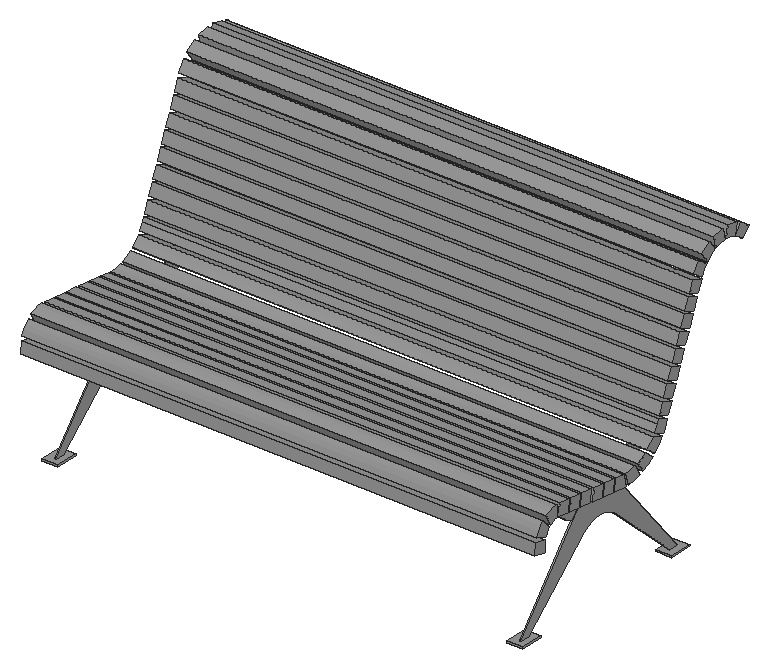
Revit family "Скамейка стальная «Балтика» Арт 12242", category Антураж, Revit 2018
Family settings
  На основе рабочей плоскости = Нет
  Всегда вертикально = Да
  При загрузке вырезать с полостями = Нет
  Источник визуального образа = Геометрия семейства
  Общий = Нет
  Точка расчета площади = Нет
Parameters (values of type "Скамейка стальная «Балтика»")
  Ширина = 950 mm  # constant formula
  Цвет опоры = Сталь
  Цвет лавки = Дерево
  Описание = "Скамейка стальная «Балтика»"  # constant formula
  Материал изделия = "Сталь, дерево"  # constant formula
  Изображение типоразмера = Скамейка стальная «Балтика» Арт 12242.jpg
  Изготовитель = "ООО «Хоббика»"  # constant formula
  Длина = 1800 mm  # constant formula
  Группа модели = "Скамейки"  # constant formula
  Высота = 1000 mm  # constant formula
  Артикул товара = "Арт. 12242"  # constant formula
  URL = "https://hobbyka.ru/product/skameyka_stalnaya_baltika/"
Reference planes
  plane 1 "По центру (Вперед/Назад)": y = 0
  plane 2: z = 0
  plane 3 "По центру (Влево/Вправо)": x = 0
  plane 4: y = 950
  plane 5: x = 1800
  plane 6: z = 1000
Forms (mm)
  Extrusion 1, solid, material "Сталь" <- "Цвет опоры"
    sketch origin (0, 0, 0) x (0, 1, 0) y (0, 0, 1)
      loop
        arc (916.187, 914.65) -> (810.962, 943.998) -> (731.831, 868.685) r 110.636
        line (731.831, 868.685) -> (576.369, 483.903)
        arc (576.369, 483.903) -> (505.626, 396.543) -> (398.126, 363.677) r 192.241
        line (398.126, 363.677) -> (110.288, 399.019)
        arc (110.288, 399.019) -> (68.466, 386.631) -> (49.004, 347.596) r 54.693
        line (49.004, 347.596) -> (49.004, 302.596)
        arc (49.004, 302.596) -> (63.658, 296.204) -> (73.152, 309.066) r 12.822
        line (73.152, 309.066) -> (73.152, 341.488)
        arc (73.152, 341.488) -> (84.81, 366.488) -> (111.455, 373.627) r 32.635
        arc (111.455, 373.627) -> (161.876, 357.244) -> (205.828, 327.598) r 190.468
        arc (205.828, 327.598) -> (317.565, 265.301) -> (445.267, 257.664) r 287.412
        arc (445.267, 257.664) -> (561.279, 353.622) -> (630.456, 487.344) r 376.751
        line (630.456, 487.344) -> (757.153, 877.277)
        arc (757.153, 877.277) -> (816.45, 931.612) -> (893.564, 908.77) r 81.664
        line (893.564, 908.77) -> (916.187, 914.65)
    from 90 to 95
  Extrusion 2, solid, material "Сталь" <- "Цвет опоры"
    sketch origin (0, 0, 0) x (0, 1, 0) y (0, 0, 1)
      loop
        arc (500.688, 288.242) -> (413.391, 349.508) -> (309.97, 323.464) r 128.108
        line (309.97, 323.464) -> (49.715, 2.076) -> (79.715, 2.076) -> (324.953, 222.889)
        arc (324.953, 222.889) -> (392.453, 248.8) -> (459.953, 222.889) r 100.877
        line (459.953, 222.889) -> (701.475, 5.422) -> (731.475, 5.422) -> (500.688, 288.242)
    from 85 to 90
  Extrusion 3, solid, material "Сталь" <- "Цвет опоры"
    sketch origin (0, 0, 0) x (1, 0, 0) y (0, 1, 0)
      loop
        line (85, 731.475) -> (85, 701.475) -> (90, 701.475) -> (90, 731.475) -> (85, 731.475)
      loop
        line (85, 79.715) -> (85, 49.715) -> (90, 49.715) -> (90, 79.715) -> (85, 79.715)
      loop
        line (60, 24.715) -> (115, 24.715) -> (115, 104.715) -> (60, 104.715) -> (60, 24.715)
      loop
        line (60, 676.475) -> (115, 676.475) -> (115, 756.475) -> (60, 756.475) -> (60, 676.475)
    from 0 to 5
  Extrusion 4, solid, material "Сталь" <- "Цвет опоры"
    sketch origin (1800, 0, 0) x (0, 1, 0) y (0, 0, -1)
      loop
        line (916.187, -914.65) -> (893.564, -908.77)
        arc (893.564, -908.77) -> (816.45, -931.612) -> (757.153, -877.277) r 81.664
        line (757.153, -877.277) -> (630.456, -487.344)
        arc (630.456, -487.344) -> (561.279, -353.622) -> (445.267, -257.664) r 376.751
        arc (445.267, -257.664) -> (317.565, -265.301) -> (205.828, -327.598) r 287.412
        arc (205.828, -327.598) -> (161.876, -357.244) -> (111.455, -373.627) r 190.468
        arc (111.455, -373.627) -> (84.81, -366.488) -> (73.152, -341.488) r 32.635
        line (73.152, -341.488) -> (73.152, -309.066)
        arc (73.152, -309.066) -> (63.658, -296.204) -> (49.004, -302.596) r 12.822
        line (49.004, -302.596) -> (49.004, -347.596)
        arc (49.004, -347.596) -> (68.466, -386.631) -> (110.288, -399.019) r 54.693
        line (110.288, -399.019) -> (398.126, -363.677)
        arc (398.126, -363.677) -> (505.626, -396.543) -> (576.369, -483.903) r 192.241
        line (576.369, -483.903) -> (731.831, -868.685)
        arc (731.831, -868.685) -> (810.962, -943.998) -> (916.187, -914.65) r 110.636
    from 90 to 95
  Extrusion 5, solid, material "Сталь" <- "Цвет опоры"
    sketch origin (1800, 0, 0) x (0, 1, 0) y (0, 0, -1)
      loop
        line (500.688, -288.242) -> (731.475, -5.422) -> (701.475, -5.422) -> (459.953, -222.889)
        arc (459.953, -222.889) -> (392.453, -248.8) -> (324.953, -222.889) r 100.877
        line (324.953, -222.889) -> (79.715, -2.076) -> (49.715, -2.076) -> (309.97, -323.464)
        arc (309.97, -323.464) -> (413.391, -349.508) -> (500.688, -288.242) r 128.108
    from 85 to 90
  Extrusion 6, solid, material "Сталь" <- "Цвет опоры"
    sketch origin (1800, 0, 0) x (-1, 0, 0) y (0, -1, 0)
      loop
        line (85, -731.475) -> (90, -731.475) -> (90, -701.475) -> (85, -701.475) -> (85, -731.475)
      loop
        line (85, -79.715) -> (90, -79.715) -> (90, -49.715) -> (85, -49.715) -> (85, -79.715)
      loop
        line (60, -24.715) -> (60, -104.715) -> (115, -104.715) -> (115, -24.715) -> (60, -24.715)
      loop
        line (60, -676.475) -> (60, -756.475) -> (115, -756.475) -> (115, -676.475) -> (60, -676.475)
    from 0 to 5
  Extrusion 7, solid, material "Дерево" <- "Цвет лавки"
    sketch origin (0, 0, 0) x (0, 1, 0) y (0, 0, 1)
      loop
        line (754.704, 909.775) -> (721.157, 931.56) -> (699.372, 898.014) -> (734.118, 875.449)
        arc (734.118, 875.449) -> (742.846, 893.551) -> (754.704, 909.775) r 110.636
      loop
        line (789.877, 936.401) -> (767.509, 969.563) -> (734.347, 947.195) -> (757.515, 912.848)
        arc (757.515, 912.848) -> (772.622, 926.1) -> (789.877, 936.401) r 110.636
      loop
        line (832.657, 947.168) -> (825.025, 986.433) -> (785.76, 978.801) -> (793.665, 938.131)
        arc (793.665, 938.131) -> (812.749, 944.428) -> (832.657, 947.168) r 110.636
      loop
        line (876.243, 940.363) -> (884.56, 979.489) -> (845.434, 987.805) -> (836.82, 947.28)
        arc (836.82, 947.28) -> (856.847, 945.619) -> (876.243, 940.363) r 110.636
      loop
        line (913.706, 917.069) -> (936.649, 949.835) -> (903.883, 972.778) -> (880.12, 938.84)
        arc (880.12, 938.84) -> (897.906, 929.486) -> (913.706, 917.069) r 110.636
      loop
        line (731.831, 868.685) -> (694.744, 883.669) -> (679.759, 846.581) -> (716.847, 831.597) -> (731.831, 868.685)
      loop
        line (676.013, 837.31) -> (661.029, 800.222) -> (698.116, 785.238) -> (713.101, 822.325) -> (676.013, 837.31)
      loop
        line (657.283, 790.95) -> (642.299, 753.863) -> (679.386, 738.879) -> (694.37, 775.966) -> (657.283, 790.95)
      loop
        line (638.553, 744.591) -> (623.568, 707.504) -> (660.656, 692.52) -> (675.64, 729.607) -> (638.553, 744.591)
      loop
        line (619.822, 698.232) -> (604.838, 661.145) -> (641.925, 646.16) -> (656.91, 683.248) -> (619.822, 698.232)
      loop
        line (601.092, 651.873) -> (586.108, 614.786) -> (623.195, 599.801) -> (638.179, 636.889) -> (601.092, 651.873)
      loop
        line (582.362, 605.514) -> (567.377, 568.426) -> (604.465, 553.442) -> (619.449, 590.529) -> (582.362, 605.514)
      loop
        line (563.631, 559.154) -> (548.647, 522.067) -> (585.734, 507.083) -> (600.719, 544.17) -> (563.631, 559.154)
      loop
        line (544.901, 512.795) -> (539.282, 498.888)
        arc (539.282, 498.888) -> (534.103, 487.452) -> (528.001, 476.482) r 152.241
        line (528.001, 476.482) -> (565.49, 461.335)
        arc (565.49, 461.335) -> (571.298, 472.442) -> (576.369, 483.903) r 192.241
        line (576.369, 483.903) -> (581.988, 497.811) -> (544.901, 512.795)
      loop
        arc (522.39, 467.964) -> (509.775, 452.42) -> (495.231, 438.666) r 152.241
        line (495.231, 438.666) -> (527.833, 414.028)
        arc (527.833, 414.028) -> (545.329, 432.273) -> (560.279, 452.655) r 192.241
        line (560.279, 452.655) -> (522.39, 467.964)
      loop
        arc (487.161, 432.426) -> (470.189, 421.812) -> (451.97, 413.516) r 152.241
        line (451.97, 413.516) -> (474.823, 379.639)
        arc (474.823, 379.639) -> (497.289, 391.226) -> (518.04, 405.661) r 192.241
        line (518.04, 405.661) -> (487.161, 432.426)
      loop
        arc (442.314, 410.23) -> (422.816, 405.692) -> (402.892, 403.751) r 152.241
        line (402.892, 403.751) -> (413.528, 364.295)
        arc (413.528, 364.295) -> (438.537, 367.972) -> (462.847, 374.899) r 192.241
        line (462.847, 374.899) -> (442.314, 410.23)
      loop
        line (392.515, 404.666) -> (359.064, 408.773) -> (354.189, 369.072) -> (400.728, 363.357) -> (392.515, 404.666)
      loop
        line (349.138, 409.992) -> (309.437, 414.867) -> (304.562, 375.165) -> (344.264, 370.29) -> (349.138, 409.992)
      loop
        line (299.511, 416.086) -> (259.809, 420.96) -> (254.935, 381.259) -> (294.636, 376.384) -> (299.511, 416.086)
      loop
        line (249.884, 422.179) -> (210.182, 427.054) -> (205.307, 387.352) -> (245.009, 382.477) -> (249.884, 422.179)
      loop
        line (200.257, 428.273) -> (160.555, 433.147) -> (155.68, 393.445) -> (195.382, 388.571) -> (200.257, 428.273)
      loop
        line (150.629, 434.366) -> (110.927, 439.241) -> (106.053, 399.539) -> (145.754, 394.664) -> (150.629, 434.366)
      loop
        line (100.217, 399.32) -> (100.85, 439.386)
        arc (100.85, 439.386) -> (75.656, 435.203) -> (52.496, 424.438) r 94.693
        line (52.496, 424.438) -> (72.589, 389.77)
        arc (72.589, 389.77) -> (85.753, 396.425) -> (100.217, 399.32) r 54.693
      loop
        arc (40.789, 415.577) -> (24.142, 396.209) -> (13.277, 373.097) r 94.693
        line (13.277, 373.097) -> (50.928, 359.384)
        arc (50.928, 359.384) -> (56.76, 372.933) -> (66, 384.431) r 54.693
        line (66, 384.431) -> (40.789, 415.577)
      loop
        line (49.274, 350.868) -> (10.044, 359.206) -> (5.258, 320.224) -> (49.274, 310.868) -> (49.274, 350.868)
    from 0 to 1800
Dimensions and locks
  "Длина": plane 3 "По центру (Влево/Вправо)" to plane 5
  "Ширина": plane 4 to plane 1 "По центру (Вперед/Назад)"
  "Высота": plane 6 to plane 2
  aligned and locked: level to plane 2
Automatic sketch dimensions
  Extrusion 1 sketch curve to plane 1 "По центру (Вперед/Назад)" = 49.004 mm
  Extrusion 1 sketch curve to Extrusion 1 sketch curve = 11.335 mm
  Extrusion 1 sketch curve to Extrusion 1 sketch curve = 12.813 mm
  Extrusion 1 sketch curve to plane 1 "По центру (Вперед/Назад)" = 78.38 mm
  Extrusion 1 sketch curve to Extrusion 1 sketch curve = 30.47 mm
  Extrusion 1 sketch curve to Extrusion 1 sketch curve = 2.165 mm
  Extrusion 1 sketch curve to Extrusion 1 sketch curve = 6.665 mm
  Extrusion 1 sketch curve to Extrusion 1 sketch curve = 157.701 mm
  Extrusion 1 sketch curve to Extrusion 1 sketch curve = 130.138 mm
  Extrusion 1 sketch curve to Extrusion 1 sketch curve = 0.018 mm
  Extrusion 1 sketch curve to Extrusion 1 sketch curve = 178.225 mm
  Extrusion 1 sketch curve to Extrusion 1 sketch curve = 54.086 mm
  Extrusion 1 sketch curve to plane 6 = 131.315 mm
  Extrusion 1 sketch curve to plane 4 = 218.169 mm
  Extrusion 1 sketch curve to Extrusion 1 sketch curve = 25.322 mm
  Extrusion 1 sketch curve to Extrusion 1 sketch curve = 77.667 mm
  Extrusion 1 sketch curve to Extrusion 1 sketch curve = 2.907 mm
  Extrusion 1 sketch curve to plane 4 = 56.436 mm
  Extrusion 1 sketch curve to Extrusion 1 sketch curve = 22.623 mm
  Extrusion 1 sketch curve to Extrusion 1 sketch curve = 16.643 mm
  Extrusion 1 sketch curve to Extrusion 1 sketch curve = 15.393 mm
  Extrusion 1 sketch curve to plane 6 = 409.9 mm
  Extrusion 1 sketch curve to Extrusion 1 sketch curve = 34.182 mm
  Extrusion 1 sketch curve to Extrusion 1 sketch curve = 14.731 mm
  Extrusion 1 sketch curve to Extrusion 1 sketch curve = 53.843 mm
  Extrusion 1 sketch curve to Extrusion 1 sketch curve = 3.44 mm
  Extrusion 1 sketch curve to Extrusion 1 sketch curve = 191.081 mm
  Extrusion 1 sketch curve to Extrusion 1 sketch curve = 51.423 mm
  Extrusion 1 sketch curve to Extrusion 1 sketch curve = 3.246 mm
  Extrusion 1 sketch curve to Extrusion 1 sketch curve = 32.421 mm
  Extrusion 1 sketch curve to Extrusion 1 sketch curve = 0.477 mm
  Extrusion 1 sketch curve to Extrusion 1 sketch curve = 116.543 mm
  Extrusion 1 sketch curve to Extrusion 1 sketch curve = 8.592 mm
  Extrusion 1 sketch curve to Extrusion 1 sketch curve = 0 mm  (x2)
  level to Extrusion 2 sketch curve = 2.076 mm
  Extrusion 2 sketch curve to plane 1 "По центру (Вперед/Назад)" = 49.715 mm
  Extrusion 2 sketch curve to Extrusion 2 sketch curve = 30 mm  (x2)
  Extrusion 2 sketch curve to plane 1 "По центру (Вперед/Назад)" = 309.97 mm
  Extrusion 2 sketch curve to Extrusion 2 sketch curve = 14.983 mm
  Extrusion 2 sketch curve to Extrusion 2 sketch curve = 65.172 mm
  Extrusion 2 sketch curve to Extrusion 2 sketch curve = 2.328 mm
  level to Extrusion 2 sketch curve = 222.889 mm
  Extrusion 2 sketch curve to Extrusion 2 sketch curve = 69.828 mm
  level to Extrusion 2 sketch curve = 288.242 mm
  Extrusion 2 sketch curve to Extrusion 2 sketch curve = 40.735 mm
  level to Extrusion 2 sketch curve = 5.422 mm
  Extrusion 2 sketch curve to plane 4 = 248.525 mm
  Extrusion 2 sketch curve to Extrusion 2 sketch curve = 74.966 mm
  Extrusion 2 sketch curve to Extrusion 2 sketch curve = 0.641 mm
  Extrusion 3 sketch curve to plane 1 "По центру (Вперед/Назад)" = 24.715 mm
  plane 3 "По центру (Влево/Вправо)" to Extrusion 3 sketch curve = 60 mm  (x2)
  Extrusion 3 sketch curve to Extrusion 3 sketch curve = 25 mm  (x8)
  Extrusion 3 sketch curve to Extrusion 3 sketch curve = 5 mm  (x2)
  Extrusion 3 sketch curve to Extrusion 3 sketch curve = 30 mm  (x2)
  Extrusion 3 sketch curve to plane 4 = 273.525 mm
  Extrusion 4 sketch curve to plane 1 "По центру (Вперед/Назад)" = 49.004 mm
  Extrusion 4 sketch curve to Extrusion 4 sketch curve = 11.335 mm
  Extrusion 4 sketch curve to Extrusion 4 sketch curve = 12.813 mm
  Extrusion 4 sketch curve to plane 1 "По центру (Вперед/Назад)" = 78.38 mm
  Extrusion 4 sketch curve to Extrusion 4 sketch curve = 30.47 mm
  Extrusion 4 sketch curve to Extrusion 4 sketch curve = 2.165 mm
  Extrusion 4 sketch curve to Extrusion 4 sketch curve = 6.665 mm
  Extrusion 4 sketch curve to Extrusion 4 sketch curve = 157.701 mm
  Extrusion 4 sketch curve to Extrusion 4 sketch curve = 130.138 mm
  Extrusion 4 sketch curve to Extrusion 4 sketch curve = 0.018 mm
  Extrusion 4 sketch curve to Extrusion 4 sketch curve = 178.225 mm
  Extrusion 4 sketch curve to Extrusion 4 sketch curve = 54.086 mm
  Extrusion 4 sketch curve to plane 6 = 131.315 mm
  Extrusion 4 sketch curve to plane 4 = 218.169 mm
  Extrusion 4 sketch curve to Extrusion 4 sketch curve = 25.322 mm
  Extrusion 4 sketch curve to Extrusion 4 sketch curve = 77.667 mm
  Extrusion 4 sketch curve to Extrusion 4 sketch curve = 2.907 mm
  Extrusion 4 sketch curve to plane 4 = 56.436 mm
  Extrusion 4 sketch curve to Extrusion 4 sketch curve = 22.623 mm
  Extrusion 4 sketch curve to Extrusion 4 sketch curve = 8.592 mm
  Extrusion 4 sketch curve to plane 6 = 91.23 mm
  Extrusion 4 sketch curve to Extrusion 4 sketch curve = 5.88 mm
  Extrusion 4 sketch curve to plane 6 = 409.9 mm
  Extrusion 4 sketch curve to Extrusion 4 sketch curve = 34.182 mm
  Extrusion 4 sketch curve to Extrusion 4 sketch curve = 14.731 mm
  Extrusion 4 sketch curve to Extrusion 4 sketch curve = 53.843 mm
  Extrusion 4 sketch curve to Extrusion 4 sketch curve = 3.44 mm
  Extrusion 4 sketch curve to Extrusion 4 sketch curve = 191.081 mm
  Extrusion 4 sketch curve to Extrusion 4 sketch curve = 51.423 mm
  Extrusion 4 sketch curve to Extrusion 4 sketch curve = 3.246 mm
  Extrusion 4 sketch curve to Extrusion 4 sketch curve = 32.421 mm
  Extrusion 4 sketch curve to Extrusion 4 sketch curve = 0.477 mm
  Extrusion 4 sketch curve to Extrusion 4 sketch curve = 116.543 mm
  Extrusion 4 sketch curve to Extrusion 4 sketch curve = 0 mm  (x2)
  level to Extrusion 5 sketch curve = 2.076 mm
  Extrusion 5 sketch curve to plane 1 "По центру (Вперед/Назад)" = 49.715 mm
  Extrusion 5 sketch curve to Extrusion 5 sketch curve = 30 mm  (x2)
  Extrusion 5 sketch curve to plane 1 "По центру (Вперед/Назад)" = 309.97 mm
  Extrusion 5 sketch curve to Extrusion 5 sketch curve = 14.983 mm
  Extrusion 5 sketch curve to Extrusion 5 sketch curve = 65.172 mm
  Extrusion 5 sketch curve to Extrusion 5 sketch curve = 2.328 mm
  level to Extrusion 5 sketch curve = 222.889 mm
  Extrusion 5 sketch curve to Extrusion 5 sketch curve = 69.828 mm
  level to Extrusion 5 sketch curve = 288.242 mm
  Extrusion 5 sketch curve to Extrusion 5 sketch curve = 40.735 mm
  level to Extrusion 5 sketch curve = 5.422 mm
  Extrusion 5 sketch curve to plane 4 = 248.525 mm
  Extrusion 5 sketch curve to Extrusion 5 sketch curve = 100.575 mm
  Extrusion 5 sketch curve to Extrusion 5 sketch curve = 75.607 mm
  plane 1 "По центру (Вперед/Назад)" to Extrusion 6 sketch curve = 24.715 mm
  plane 5 to Extrusion 6 sketch curve = 60 mm  (x2)
  Extrusion 6 sketch curve to Extrusion 6 sketch curve = 25 mm  (x8)
  Extrusion 6 sketch curve to Extrusion 6 sketch curve = 5 mm  (x2)
  Extrusion 6 sketch curve to Extrusion 6 sketch curve = 30 mm  (x2)
  plane 4 to Extrusion 6 sketch curve = 273.525 mm
  Extrusion 7 sketch curve to Extrusion 7 sketch curve = 0 mm  (x28)
  Extrusion 7 sketch curve to Extrusion 7 sketch curve = 2.43 mm
  Extrusion 7 sketch curve to Extrusion 7 sketch curve = 4.875 mm  (x6)
  Extrusion 7 sketch curve to Extrusion 7 sketch curve = 9.925 mm  (x10)
  Extrusion 7 sketch curve to Extrusion 7 sketch curve = 39.702 mm  (x5)
  Extrusion 7 sketch curve to Extrusion 7 sketch curve = 33.451 mm
  Extrusion 7 sketch curve to Extrusion 7 sketch curve = 5.611 mm  (x2)
  Extrusion 7 sketch curve to Extrusion 7 sketch curve = 8.214 mm
  Extrusion 7 sketch curve to Extrusion 7 sketch curve = 10.378 mm
  Extrusion 7 sketch curve to Extrusion 7 sketch curve = 12.799 mm
  Extrusion 7 sketch curve to Extrusion 7 sketch curve = 39.421 mm
  Extrusion 7 sketch curve to Extrusion 7 sketch curve = 9.656 mm
  Extrusion 7 sketch curve to Extrusion 7 sketch curve = 10.877 mm
  Extrusion 7 sketch curve to Extrusion 7 sketch curve = 11.976 mm
  Extrusion 7 sketch curve to Extrusion 7 sketch curve = 35.191 mm
  Extrusion 7 sketch curve to Extrusion 7 sketch curve = 8.07 mm
  Extrusion 7 sketch curve to Extrusion 7 sketch curve = 22.81 mm
  Extrusion 7 sketch curve to Extrusion 7 sketch curve = 27.159 mm
  Extrusion 7 sketch curve to Extrusion 7 sketch curve = 9.793 mm
  Extrusion 7 sketch curve to Extrusion 7 sketch curve = 11.281 mm
  Extrusion 7 sketch curve to Extrusion 7 sketch curve = 5.619 mm  (x2)
  Extrusion 7 sketch curve to Extrusion 7 sketch curve = 3.746 mm  (x16)
  Extrusion 7 sketch curve to Extrusion 7 sketch curve = 32.278 mm
  Extrusion 7 sketch curve to Extrusion 7 sketch curve = 14.984 mm  (x8)
  Extrusion 7 sketch curve to Extrusion 7 sketch curve = 5.211 mm
  Extrusion 7 sketch curve to Extrusion 7 sketch curve = 10.879 mm
  Extrusion 7 sketch curve to plane 6 = 162.69 mm
  Extrusion 7 sketch curve to plane 6 = 116.331 mm
  Extrusion 7 sketch curve to Extrusion 7 sketch curve = 4.628 mm
  Extrusion 7 sketch curve to plane 6 = 68.44 mm
  Extrusion 7 sketch curve to Extrusion 7 sketch curve = 21.786 mm
  Extrusion 7 sketch curve to plane 6 = 124.551 mm
  Extrusion 7 sketch curve to Extrusion 7 sketch curve = 2.287 mm
  Extrusion 7 sketch curve to plane 6 = 52.805 mm
  Extrusion 7 sketch curve to Extrusion 7 sketch curve = 13.19 mm
  Extrusion 7 sketch curve to plane 6 = 90.225 mm
  Extrusion 7 sketch curve to plane 6 = 87.152 mm
  Extrusion 7 sketch curve to Extrusion 7 sketch curve = 2.811 mm
  Extrusion 7 sketch curve to plane 6 = 30.437 mm
  Extrusion 7 sketch curve to plane 6 = 21.199 mm
  Extrusion 7 sketch curve to Extrusion 7 sketch curve = 18.251 mm
  level to Extrusion 7 sketch curve = 936.401 mm
  Extrusion 7 sketch curve to plane 6 = 61.869 mm
  Extrusion 7 sketch curve to Extrusion 7 sketch curve = 3.788 mm
  Extrusion 7 sketch curve to plane 6 = 13.567 mm
  Extrusion 7 sketch curve to plane 6 = 52.72 mm
  Extrusion 7 sketch curve to Extrusion 7 sketch curve = 4.163 mm
  Extrusion 7 sketch curve to plane 6 = 12.195 mm
  Extrusion 7 sketch curve to Extrusion 7 sketch curve = 20.409 mm
  Extrusion 7 sketch curve to plane 6 = 59.637 mm
  Extrusion 7 sketch curve to Extrusion 7 sketch curve = 3.876 mm
  Extrusion 7 sketch curve to plane 6 = 27.222 mm
  Extrusion 7 sketch curve to Extrusion 7 sketch curve = 19.323 mm
  Extrusion 7 sketch curve to plane 4 = 36.294 mm
  Extrusion 7 sketch curve to plane 4 = 13.351 mm
  Extrusion 7 sketch curve to Extrusion 7 sketch curve = 5.712 mm
  Extrusion 7 sketch curve to Extrusion 7 sketch curve = 9.272 mm  (x14)
  Extrusion 7 sketch curve to Extrusion 7 sketch curve = 3.236 mm
  Extrusion 7 sketch curve to Extrusion 7 sketch curve = 13.908 mm
  Extrusion 7 sketch curve to Extrusion 7 sketch curve = 8.518 mm
  Extrusion 7 sketch curve to Extrusion 7 sketch curve = 8.68 mm
  Extrusion 7 sketch curve to Extrusion 7 sketch curve = 116.677 mm
  Extrusion 7 sketch curve to Extrusion 7 sketch curve = 1.219 mm  (x5)
  Extrusion 7 sketch curve to Extrusion 7 sketch curve = 6.239 mm
  Extrusion 7 sketch curve to Extrusion 7 sketch curve = 3.286 mm
  Extrusion 7 sketch curve to Extrusion 7 sketch curve = 8.367 mm
  Extrusion 7 sketch curve to Extrusion 7 sketch curve = 0.915 mm
  Extrusion 7 sketch curve to Extrusion 7 sketch curve = 4.74 mm
  Extrusion 7 sketch curve to Extrusion 7 sketch curve = 40 mm
  Extrusion 7 sketch curve to plane 1 "По центру (Вперед/Назад)" = 13.277 mm
  Extrusion 7 sketch curve to plane 1 "По центру (Вперед/Назад)" = 10.044 mm
  Extrusion 7 sketch curve to plane 1 "По центру (Вперед/Назад)" = 5.258 mm
  Extrusion 7 sketch curve to Extrusion 7 sketch curve = 1.654 mm
  Extrusion 7 sketch curve to Extrusion 7 sketch curve = 15.072 mm
  Extrusion 7 sketch curve to Extrusion 7 sketch curve = 6.589 mm
  Extrusion 7 sketch curve to Extrusion 7 sketch curve = 5.836 mm
  Extrusion 7 sketch curve to Extrusion 7 sketch curve = 0.145 mm
  Extrusion 7 sketch curve to Extrusion 7 sketch curve = 14.948 mm
  Extrusion 7 sketch curve to Extrusion 7 sketch curve = 8.862 mm
  Extrusion 7 sketch curve to Extrusion 7 sketch curve = 0.218 mm
  Extrusion 7 sketch curve to Extrusion 7 sketch curve = 9.551 mm
  Extrusion 7 sketch curve to Extrusion 7 sketch curve = 5.339 mm
  Extrusion 7 sketch curve to Extrusion 7 sketch curve = 22.229 mm
  Extrusion 7 sketch curve to Extrusion 7 sketch curve = 8.516 mm
  Extrusion 7 sketch curve to Extrusion 7 sketch curve = 13.89 mm
  Extrusion 7 sketch curve to Extrusion 7 sketch curve = 38.983 mm
  Extrusion 7 sketch curve to Extrusion 7 sketch curve = 0.633 mm
  Extrusion 7 sketch curve to Extrusion 7 sketch curve = 37.651 mm
  Extrusion 7 sketch curve to Extrusion 7 sketch curve = 11.707 mm
